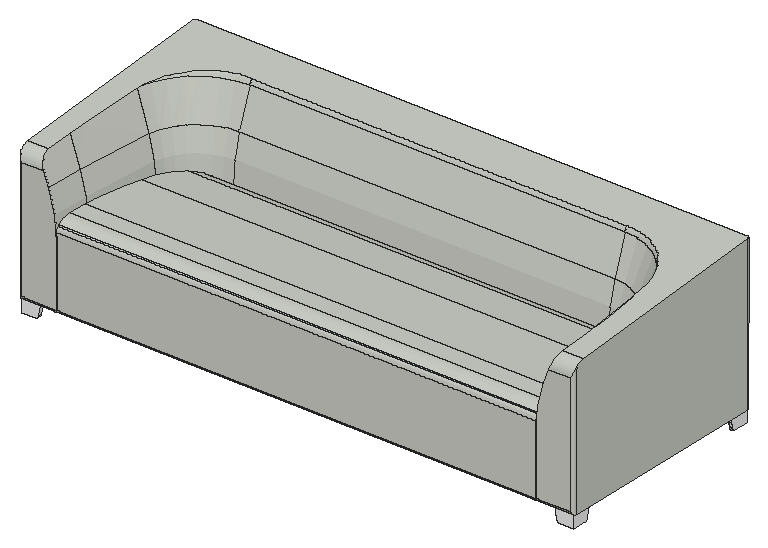
Revit family "Elan_Ellsworth_Two_Sofa", category Furniture, Revit 2012
Parameters
  Width = 7' - 2"  # constant formula
  URL = "http://elanbydecca.com/"
  Upholstery [instance] = Furniture - DECCA (Elan) - Ellsworth - Upholstery
  Base [instance] = Furniture - DECCA (Elan) - Ellsworth - Base
  Product URL = "http://elanbydecca.com/PDFs/TearSheet/Ellsworth%20Tear%20Sheet.pdf"
  Model = "MK TS505U"
  Manufacturer = "Decca Elan"
  Height = 2' - 10"  # constant formula
  Description = "Ellsworth Two Sofa"
  Depth = 2' - 2"  # constant formula
  Assembly Description = "Furniture & Accessories"
  Assembly Code = "E2020200"
Reference planes (in)
  plane 1 "Center Front/Back": y = -0.7524
  plane 2: z = 0
  plane 3 "Center Left/Right": x = 0
  plane 4: through (-6.25338, 2.33237, 23.38953) normal (0.4297, -0.4297, 0.7941)
  plane 5 "ST": z = 28
  plane 6 "BB": z = 2.875
  plane 7: z = 0.1875
  plane 8: y = 6.21634
  plane 9: x = -17.5
  plane 10: x = 17.5
  plane 11: y = 16.2476
  plane 12: y = -17.7524
  plane 13: z = 26
  plane 14: x = -43
  plane 15: x = 43
Forms (in)
  Sweep 1, solid, material "Furniture - DECCA (Elan) - Ellsworth - Upholstery" <- "Upholstery"
    path origin (0, 0, 2.875) x (-1, 0, 0) y (0, -1, 0)
      loop
        line (37.14312, 18.94021) -> (36.89883, 11.94448)
        arc (36.89883, 11.94448) -> (36.56356, 5.94093) -> (35.97796, -0.04338) r 144
        arc (35.97796, -0.04338) -> (33.67515, -4.45033) -> (29.02699, -6.21634) r 7
        line (29.02699, -6.21634) -> (-29.02699, -6.21634)
        arc (-29.02699, -6.21634) -> (-33.67515, -4.45033) -> (-35.97796, -0.04338) r 7
        arc (-35.97796, -0.04338) -> (-36.56356, 5.94093) -> (-36.89883, 11.94448) r 144
        line (-36.89883, 11.94448) -> (-37.14312, 18.94021)
    profile origin (-37.02097, -15.44234, 2.875) x (-0.999391, 0.034899, 0) y (0, 0, 1)
      loop
        line (0, -0.625) -> (15.5, -0.625) -> (15.5, 24.72791) -> (5.82184, 23.78467)
        arc (5.82184, 23.78467) -> (4.27481, 23.16982) -> (3.29376, 21.82488) r 3
        line (3.29376, 21.82488) -> (1.25138, 16.21346)
        arc (1.25138, 16.21346) -> (0.31524, 12.71975) -> (0, 9.11655) r 20.75
        line (0, 9.11655) -> (0, -0.625)
  Extrusion 2, void
    sketch origin (0, 0, 2.875) x (-1, 0, 0) y (0, -1, 0)
      loop
        line (43, -15.7476) -> (43, 17.2524)
        arc (43, 17.2524) -> (42.85355, 17.60595) -> (42.5, 17.7524) r 0.5
        line (42.5, 17.7524) -> (-42.5, 17.7524)
        arc (-42.5, 17.7524) -> (-42.85355, 17.60595) -> (-43, 17.2524) r 0.5
        line (-43, 17.2524) -> (-43, -15.7476)
        arc (-43, -15.7476) -> (-42.85355, -16.10115) -> (-42.5, -16.2476) r 0.5
        line (-42.5, -16.2476) -> (42.5, -16.2476)
        arc (42.5, -16.2476) -> (42.85355, -16.10115) -> (43, -15.7476) r 0.5
      loop
        arc (41.5, -26.2476) -> (50.33883, -22.58644) -> (54, -13.7476) r 12.5
        line (54, -13.7476) -> (54, 15.2524)
        arc (54, 15.2524) -> (50.33883, 24.09123) -> (41.5, 27.7524) r 12.5
        line (41.5, 27.7524) -> (-41.5, 27.7524)
        arc (-41.5, 27.7524) -> (-50.33883, 24.09123) -> (-54, 15.2524) r 12.5
        line (-54, 15.2524) -> (-54, -13.7476)
        arc (-54, -13.7476) -> (-50.33883, -22.58644) -> (-41.5, -26.2476) r 12.5
        line (-41.5, -26.2476) -> (41.5, -26.2476)
    from -2.875 to 28.625
  Extrusion 3, solid, material "Furniture - DECCA (Elan) - Ellsworth - Upholstery" <- "Upholstery"
    sketch origin (0, 0, 0) x (0, 1, 0) y (0, 0, 1)
      loop
        line (6.21634, 2.25) -> (6.21634, 11.87049)
        arc (6.21634, 11.87049) -> (6.09516, 12.34765) -> (5.76098, 12.70916) r 1
        line (5.76098, 12.70916) -> (5.58971, 12.82039)
        arc (5.58971, 12.82039) -> (4.80884, 13.21357) -> (3.96121, 13.4277) r 4
        line (3.96121, 13.4277) -> (-2.43716, 14.316)
        arc (-2.43716, 14.316) -> (-7.37582, 14.8288) -> (-12.33808, 15) r 72
        line (-12.33808, 15) -> (-15.27824, 15)
        arc (-15.27824, 15) -> (-16.35334, 14.80074) -> (-17.28563, 14.22943) r 3
        line (-17.28563, 14.22943) -> (-17.42153, 14.10707)
        arc (-17.42153, 14.10707) -> (-17.66595, 13.77066) -> (-17.7524, 13.36393) r 1
        line (-17.7524, 13.36393) -> (-17.7524, 2.5625)
        arc (-17.7524, 2.5625) -> (-17.66087, 2.34153) -> (-17.4399, 2.25) r 0.3125
        line (-17.4399, 2.25) -> (6.21634, 2.25)
    from -39.69437 to 39.69437
  Extrusion 4, void
    sketch origin (0, 0, 2.875) x (-1, 0, 0) y (0, -1, 0)
      loop
        line (37.15402, 19.2524) -> (36.89883, 11.94448)
        arc (36.89883, 11.94448) -> (36.56356, 5.94093) -> (35.97796, -0.04338) r 144
        arc (35.97796, -0.04338) -> (33.67515, -4.45033) -> (29.02699, -6.21634) r 7
        line (29.02699, -6.21634) -> (-29.02699, -6.21634)
        arc (-29.02699, -6.21634) -> (-33.67515, -4.45033) -> (-35.97796, -0.04338) r 7
        arc (-35.97796, -0.04338) -> (-36.56356, 5.94093) -> (-36.89883, 11.94448) r 144
        line (-36.89883, 11.94448) -> (-37.15402, 19.2524) -> (-40.19253, 19.2524) -> (-40.19253, -11.2476) -> (40.30747, -11.2476) -> (40.30747, 19.2524) -> (37.15402, 19.2524)
    from -1.22026 to 15.89704
  Extrusion 5, void
    sketch origin (0, 0, 0) x (0, 1, 0) y (0, 0, 1)
      loop
        line (22.2476, 26.52493) -> (22.2476, 31) -> (-20.72095, 31) -> (-20.72095, 0) -> (-17.09615, 0) -> (-17.09615, 2.25) -> (-17.4399, 2.25)
        arc (-17.4399, 2.25) -> (-17.66087, 2.34153) -> (-17.7524, 2.5625) r 0.3125
        line (-17.7524, 2.5625) -> (-17.7524, 21.19272)
        arc (-17.7524, 21.19272) -> (-17.22695, 22.5439) -> (-15.92671, 23.18511) r 2
        line (-15.92671, 23.18511) -> (22.2476, 26.52493)
    from -45.00677 to 45.15627
Cuts and joins
  Extrusion 2, Extrusion 5 cuts Sweep 1
  Extrusion 4 cuts Extrusion 3
Lines and regions (in)
  model lines
    curve 1: arc (0, 6.21634, 11.87049) -> (0, 6.09516, 12.34765) -> (0, 5.76098, 12.70916) r 1
    curve 2: line (0, 5.76098, 12.70916) -> (0, 5.58971, 12.82039)
    curve 3: arc (0, 5.58971, 12.82039) -> (0, 4.80884, 13.21357) -> (0, 3.96121, 13.4277) r 4
    curve 4: line (0, 3.96121, 13.4277) -> (0, -2.43716, 14.316)
    curve 5: arc (0, -2.43716, 14.316) -> (0, -7.37582, 14.8288) -> (0, -12.33808, 15) r 72
    curve 6: line (0, -12.33808, 15) -> (0, -15.27824, 15)
    curve 7: arc (0, -15.27824, 15) -> (0, -16.35334, 14.80074) -> (0, -17.28563, 14.22943) r 3
    curve 8: line (0, -17.28563, 14.22943) -> (0, -17.42153, 14.10707)
    curve 9: arc (0, -17.42153, 14.10707) -> (0, -17.66595, 13.77066) -> (0, -17.7524, 13.36393) r 1
    curve 10: line (0, -17.7524, 13.36393) -> (0, -17.7524, 2.5625)
    curve 11: arc (0, -17.4399, 2.25) -> (0, -17.66087, 2.34153) -> (0, -17.7524, 2.5625) r 0.3125
Dimensions and locks (in)
  plane 12 to plane 11 = 2' - 10"
  plane 9 to plane 10 = 2' - 11"
  plane 13 to level = 2' - 2"
  plane 14 to plane 15 = 7' - 2"
Nested families (in)
  nested 1: "Elan_Ellsworth_One_LoungeLEG" at (-42.6875, -16.6875, 0), Base <- "Base", type "Elan_Ellsworth_One_LoungeLEG"
    with Upholstery Furniture - DECCA (Elan) - Ellsworth - Upholstery, Base Furniture - DECCA (Elan) - Ellsworth - Base
  nested 2: "Elan_Ellsworth_One_LoungeLEG" at (-42.6875, 15.1827, 0), Base <- "Base", type "Elan_Ellsworth_One_LoungeLEG"
    with Upholstery Furniture - DECCA (Elan) - Ellsworth - Upholstery, Base Furniture - DECCA (Elan) - Ellsworth - Base
  nested 3: "Elan_Ellsworth_One_LoungeLEG" at (42.6875, -16.6875, 0) x (-1, 0, 0) z (0, 0, 1), Base <- "Base", type "Elan_Ellsworth_One_LoungeLEG"
    with Upholstery Furniture - DECCA (Elan) - Ellsworth - Upholstery, Base Furniture - DECCA (Elan) - Ellsworth - Base
  nested 4: "Elan_Ellsworth_One_LoungeLEG" at (42.6875, 15.1827, 0) x (-1, 0, 0) z (0, 0, 1), Base <- "Base", type "Elan_Ellsworth_One_LoungeLEG"
    with Upholstery Furniture - DECCA (Elan) - Ellsworth - Upholstery, Base Furniture - DECCA (Elan) - Ellsworth - Base
Definition of nested family "Elan_Ellsworth_One_LoungeLEG"
  Parameters (values of type "Elan_Ellsworth_One_LoungeLEG")
    WoodBack = no
    Width = 2' - 9"  # constant formula
    URL = "http://elanbydecca.com/"
    Upholstery [instance] = Furniture - DECCA (Elan) - Ellsworth - Upholstery
    Base [instance] = Furniture - DECCA (Elan) - Ellsworth - Base
    Product URL = "http://elanbydecca.com/PDFs/elan_tearsheet-ava.pdf"
    Model = "MK TC300V"
    Manufacturer = "Decca Elan"
    Height = 2' - 4"  # constant formula
    Description = "Ellsworth One Lounge Chair"
    Depth = 2' - 6"  # constant formula
    Assembly Description = "Furniture & Accessories"
    Assembly Code = "E2020200"
    Back = Furniture - DECCA (Elan) - Ellsworth - Base
  Reference planes (in)
    plane 1 "Center Front/Back": y = -0.7524
    plane 2: z = 0
    plane 3 "Center Left/Right": x = 0
    plane 4 "L": x = -16.5
    plane 5 "R": x = 16.5
    plane 6 "F": y = -15.7524
    plane 7: y = 14.2476
    plane 8: through (-6.25338, 2.33237, 23.38953) normal (0.4297, -0.4297, 0.7941)
    plane 9 "ST": z = 28
    plane 10 "BB": z = 2.875
    plane 11: z = 0.1875
    plane 12: x = -16.1875
    plane 13: x = -13.1875
    plane 14: x = 16.1875
    plane 15: x = 13.1875
    plane 16: y = -12.7524
    plane 17: y = 11.2476
    plane 18: z = 17
    plane 19: y = 6.21634
    plane 20: z = 0.65933
    plane 21: through (0, 2.2476, 2.875) normal (0, -0.9824, 0.1869)
    plane 22: through (3, -180, 2.875) normal (0.9828, 0, -0.1848)
    plane 23: x = 2.49468
    plane 24: y = 1.73635
  Forms (in)
    Blend 1, solid, material "Furniture - DECCA (Elan) - Ellsworth - Base" <- "Base"
      base sketch origin (0, 0, 2.875) x (-1, 0, 0) y (0, -1, 0)
        loop
          line (-0.5, -2.2476) -> (0, -2.2476) -> (0, 0.7524) -> (-3, 0.7524) -> (-3, 0.26226) -> (-0.5, -2.2476)
      top sketch origin (0, 0, 2.875) x (-1, 0, 0) y (0, -1, 0)
        loop
          line (-2.49468, 0.7524) -> (-2.49468, 0.30042) -> (-0.46243, -1.73635) -> (0, -1.73635) -> (0, 0.7524) -> (-2.49468, 0.7524)
      from 0 to -2.6875
    Extrusion 2, void
      sketch origin (0, -0.00635, 0.00635) x (0, 1, 0) y (0, 0, 1)
        loop
          line (1.3225, 0.1875) -> (-0.93599, 0.1875) -> (-0.93599, 0.09766) -> (1.81071, 0.09766) -> (2.38141, 3.09766) -> (2.28996, 3.09766) -> (1.81369, 0.59406)
          arc (1.81369, 0.59406) -> (1.64131, 0.30232) -> (1.3225, 0.1875) r 0.5
      from -0.45475 to 3.24041
    Revolve 3, solid, material "Furniture - DECCA (Elan) - Ellsworth - Base" <- "Base"
      sketch origin (0.83883, 0, 0) x (0, 1, 0) y (0, 0, 1)
        loop
          line (0.67648, 0.19343) -> (0.30246, 0.19343) -> (0.30246, 0) -> (0.61213, 0)
          arc (0.61213, 0) -> (0.65763, 0.01885) -> (0.67648, 0.06435) r 0.06435
          line (0.67648, 0.06435) -> (0.67648, 0.19343)
        axis (0.30246, 0) -> (0.30246, 0.19343)
      angle from 0 to 360
    Extrusion 4, void
      sketch origin (-0.00439, -16.42176, 0.01318) x (1, 0, 0) y (0, 0, -1)
        loop
          line (-0.25, -0.1875) -> (2.07993, -0.1875)
          arc (2.07993, -0.1875) -> (2.39915, -0.30266) -> (2.57132, -0.59511) r 0.5
          line (2.57132, -0.59511) -> (3.0644, -3.2175) -> (3.0644, 0.0625) -> (-0.25, 0.0625) -> (-0.25, -0.1875)
      from 15.08155 to 18.91936
  Cuts and joins
    Extrusion 2, Extrusion 4 cuts Blend 1
  Dimensions and locks (in)
    equal spacing: plane 7, plane 1 "Center Front/Back", plane 6 "F"
    "Depth": plane 7 to plane 6 "F"
    "Height": plane 9 "ST" to level
    equal spacing: plane 4 "L", plane 3 "Center Left/Right", plane 5 "R"
    "Width": plane 4 "L" to plane 5 "R"
    locked: plane 12 to plane 4 "L" at 0.3125
    locked: plane 13 to plane 12 at 3
    locked: plane 15 to plane 14 at 3
    locked: plane 14 to plane 5 "R" at 0.3125
    locked: plane 16 to plane 6 "F" at 3
    locked: plane 7 to plane 17 at 3
    plane 18 to level = 1' - 5"
  Automatic sketch dimensions
    plane 1 "Center Front/Back" to Blend 1 sketch curve = 0' - 0"  (x2)
    Blend 1 sketch curve to plane 3 "Center Left/Right" = 0' - 0"  (x2)
    plane 3 "Center Left/Right" to Blend 1 sketch curve = 0' - 0 1/2"
    Blend 1 sketch curve to plane 23 = 0' - 0.50532"
    Blend 1 sketch curve to Blend 1 sketch curve = 0' - 0"  (x2)
    Blend 1 sketch curve to plane 1 "Center Front/Back" = 0' - 0.49014"
    plane 24 to Blend 1 sketch curve = 0' - 0.51125"
    Blend 1 sketch curve to plane 23 = 0' - 0"
    Blend 1 sketch curve to plane 24 = 0' - 0"
    plane 3 "Center Left/Right" to Blend 1 sketch curve = 0' - 0.46243"
    Blend 1 sketch curve to Blend 1 sketch curve = 0' - 0.45198"
    plane 11 to Extrusion 2 sketch curve = 0' - 0.00635"
    plane 1 "Center Front/Back" to Extrusion 2 sketch curve = 0' - 0.18994"
    Extrusion 2 sketch curve to plane 24 = 0' - 0.4202"
    plane 24 to Extrusion 2 sketch curve = 0' - 0.06802"
    plane 20 to Extrusion 2 sketch curve = 0' - 0.05893"
    plane 24 to Extrusion 2 sketch curve = 0' - 0.07099"
    plane 10 "BB" to Extrusion 2 sketch curve = 0' - 0.229"
    plane 24 to Extrusion 2 sketch curve = 0' - 0.54726"
    Extrusion 2 sketch curve to Extrusion 2 sketch curve = 0' - 0.09145"
    Extrusion 2 sketch curve to plane 11 = 0' - 0.0835"
    Revolve 3 sketch curve to level = 0' - 0"
    plane 11 to Revolve 3 sketch curve = 0' - 0.00593"
    plane 11 to Revolve 3 sketch curve = 0' - 0.14484"
    Revolve 3 sketch curve to plane 1 "Center Front/Back" = 0' - 1.05486"
    Revolve 3 sketch curve to Revolve 3 sketch curve = 0' - 0"
    Revolve 3 sketch curve to Revolve 3 sketch curve = 0' - 0.30967"
    Revolve 3 sketch curve to Revolve 3 sketch curve = 0' - 0.06435"
    Revolve 3 sketch curve to Revolve 3 sketch curve = 0' - 0.0701"
    Extrusion 4 sketch curve to plane 11 = 0' - 0.01318"
    plane 22 to Extrusion 4 sketch curve = 0' - 0.00675"  (x2)
    plane 3 "Center Left/Right" to Extrusion 4 sketch curve = 0' - 0.25439"
    Extrusion 4 sketch curve to plane 23 = 0' - 0.41914"
    plane 23 to Extrusion 4 sketch curve = 0' - 0.07225"
    Extrusion 4 sketch curve to plane 10 "BB" = 0' - 0.35569"
    level to Extrusion 4 sketch curve = 0' - 0.04932"
